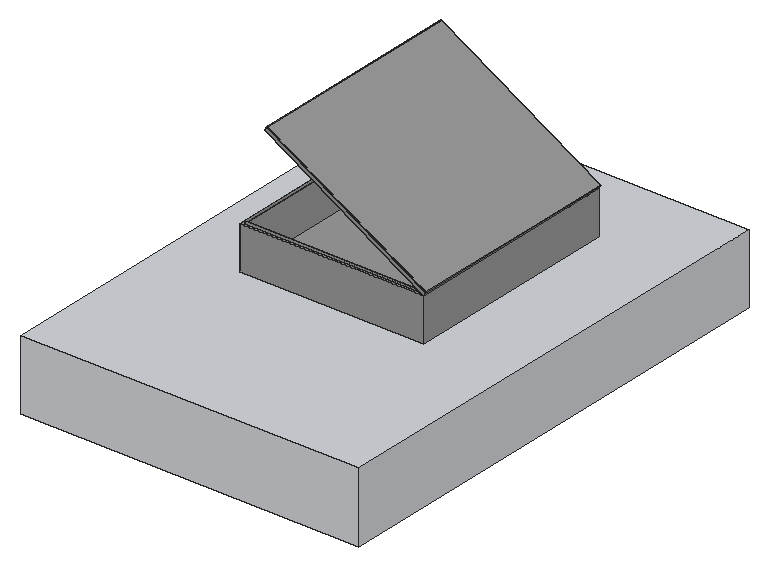
Revit family "Hager-Univers-IP44-D205-H950-Cl.II-Encl-CH-it", category Equipement électrique, Revit 2020
Family settings
  Hôte = Face
  Configuration du panneau = Deux colonnes, circuits au sein
  Cote de connecteur circulaire = Utiliser le diamètre
  Type d'élément = Tableau de raccordement
  Couper avec des vides une fois chargée = Non
  Partagée = Non
  Point de calcul de pièce = Non
Parameters (values of type "A parete IP44 L800 A950 P205  - FP63QS")
  Width Control [instance] = if([EF000008 - Larghezza] > Min Width, [EF000008 - Larghezza], Min Width)  # 800 mm
  Commentaires du type = [HG000003 - Gamma]  # "Univers"
  Thickness Door [instance] = if([EF009171 - spessore materiale porta/coperchio] > 3 mm, 3 mm, [EF009171 - spessore materiale porta/coperchio])  # 1 mm
  Seal Frame Offset [instance] = 17 mm  # constant formula
  Plinth Visibility [instance] = [HG000027 - Altezza dello zoccolo] > 0 mm  # no
  Model = ""
  Min Width [instance] = 100 mm  # constant formula
  Min Height [instance] = 100 mm  # constant formula
  Min Depth [instance] = (2 * [EF009170 - spessore materiale scatola]) + 1 mm  # 3 mm
  Internal Frame Depth [instance] = (Door System Depth * 0.5)  # 9 mm
  Height Control [instance] = if([EF000040 - Altezza] > Min Height, [EF000040 - Altezza], Min Height)  # 950 mm
  HG000027 - Altezza dello zoccolo = 0 mm
  HG000026 - A pavimento = no
  HG000024 - Altezza della sezione inferiore = 800 mm
  HG000023 - Custodia a doppia sezione = no
  HG000016 - Visibilità delle porte nella vista 3D [instance] = yes
  HG000015 - Visibilità attraverso la porta [instance] = no
  HG000014 - Porta destra [instance] = yes
  HG000013 - Porta sinistra [instance] = not([HG000014 - Porta destra])  # no
  HG000012 - Angolo di apertura della porta [instance] = 30.00°
  HG000010 - Porte asimmetriche = no
  HG000009 - Porta doppia a battente = no
  HG000006 - Ad incasso = no
  HG000004 - Codice produttore = "FP63QS"
  HG000003 - Gamma = "Univers"
  HG000002 - Con porta = yes
  Frame Offset Bottom [instance] = 10 mm  # constant formula
  Frame Offset [instance] = 15 mm  # constant formula
  EF015940 - Coprire con rilascio di sovrapressione = no
  EF011959 - tipo di protezione (NEMA) = ""
  EF009554 - numero delle aperture per la piastra della flangia = 6
  Fabricant = "Hager"  # constant formula
  EF009212 - esecuzione coperchio = "EV000116 - chiuso"
  EF009171 - spessore materiale porta/coperchio = 1 mm
  EF009170 - spessore materiale scatola = 1 mm
  EF008873 - corrente nominale (In) = 250 A
  EF007800 - adatto per parafulmine = no
  EF006306 - con serratura = no
  EF006244 - coperchio/porta trasparente = no
  EF005474 - grado di protezione (IP) = "EV006418 - IP44"
  EF004464 - tipo di porta = "EV002646 - singolo"
  EF004427 - numero di moduli = 216
  EF004293 - resistenza agli urti = "EV006815 - IK09"
  EF003532 - adatto per uso esterno = no
  EF002950 - Numero moduli DIN = 36
  EF001613 - Integrità del circuito = "EV000494 - senza"
  EF001596 - Attacco Lampada = "EV000179 - acciaio"
  EF001131 - profondità interna = 143 mm
  EF001088 - possibilità di applicazione = yes
  EF000437 - numero di ingressi per conduttori = 6
  EF000339 - tipo di copertura = "EV001012 - coperchio"
  EF000266 - numero di file = 6
  EF000218 - profondità di incasso = 0 mm
  EF000118 - con piastra di montaggio = no
  EF000116 - numero RAL = "9010"
  EF000049 - profondità = 205 mm
  EF000040 - Altezza = 950 mm
  EF000008 - Larghezza = 800 mm
  EF000007 - colore = "EV000202 - bianco"
  EF000003 - Tipo di montaggio = "EV000384 - A parete"
  Door System Leaf Tolerance [instance] = 1.5 mm  # constant formula
  Door System Depth [instance] = 18 mm  # constant formula
  Door Height [instance] = Height Control - [HG000027 - Altezza dello zoccolo]  # 950 mm
  Depth Control [instance] = if([EF000049 - profondità] > Min Depth, [EF000049 - profondità], Min Depth)  # 205 mm
  Default Elevation = 0 mm
  Connector Offset [instance] = Height Control / 2  # 475 mm
  Bottom Top Plate Trim [instance] = 1.5 mm  # constant formula
  Plinth height Ctrl [instance] = if([HG000027 - Altezza dello zoccolo] > 0 mm, [HG000027 - Altezza dello zoccolo], 12 mm)  # 12 mm
Types (5, lengths in mm): name | Width Control | HG000009 - Porta doppia a battente | HG000004 - Codice produttore | EF009554 - numero delle aperture per la piastra della flangia | EF004464 - tipo di porta | EF004427 - numero di moduli | EF002950 - Numero moduli DIN | EF001131 - profondità interna | EF000437 - numero di ingressi per conduttori | EF000008 - Larghezza
  A parete IP44 L1050 A950 P205  - FP64QS | 1050 | yes | "FP64QS" | 8 | "EV003602 - doppio" | 288 | 48 | 143 | 8 | 1050
  A parete IP44 L1300 A950 P205  - FP65QS | 1300 | yes | "FP65QS" | 10 | "EV003602 - doppio" | 360 | 60 | 143 | 10 | 1300
  A parete IP44 L300 A950 P205  - FP61QS | 300 | no | "FP61QS" | 2 | "EV002646 - singolo" | 72 | 12 | 143 | 2 | 300
  A parete IP44 L550 A950 P205  - FP62QS | 550 | no | "FP62QS" | 4 | "EV002646 - singolo" | 144 | 24 | 130 | 4 | 550
  A parete IP44 L800 A950 P205  - FP63QS | 800 | no | "FP63QS" | 6 | "EV002646 - singolo" | 216 | 36 | 143 | 6 | 800
Reference planes
  plane 1 "Center (Front/Back)": y = 0
  plane 2: z = 0
  plane 3 "Center (Left/Right)": x = 0
  plane 4: z = 205
  plane 5: y = 1
  plane 6: y = 475
  plane 7: y = 0
  plane 8: y = 950
  plane 9: z = 0
  plane 10: x = -385
  plane 11: x = 385
  plane 12: x = 384
  plane 13: x = -384
  plane 14: y = 949
  plane 15: x = -383
  plane 16: x = -400
  plane 17: x = 383
  plane 18: x = 400
  plane 19: x = 399
  plane 20: x = -399
  plane 21: y = 11
  plane 22: y = 950
  plane 23: y = 934
  plane 24: z = 187
  plane 25: z = 1
  plane 26: z = 186
  plane 27: z = 204
Forms (mm)
  Extrusion 1, solid
    sketch origin (0, 0, 0) x (1, 0, 0) y (0, 1, 0)
      loop
        line (-702.964, 1305) -> (-702.964, -811.445) -> (766.763, -811.445) -> (766.763, 1305) -> (-702.964, 1305)
    from 0 to -304.8
  Extrusion 2, solid, material "Hager_Steel_RAL7035_Light_Grey", visible <- "Plinth Visibility", detail levels medium+fine
    sketch origin (0, 0, 0) x (1, 0, 0) y (0, 1, 0)
      loop
        line (-400, 0) -> (400, 0) -> (400, 12) -> (-400, 12) -> (-400, 0)
    from 0 to 187
  Extrusion 3, solid, material "Hager_Steel_RAL7035_Light_Grey", detail levels medium+fine
    sketch origin (0, 0, 0) x (1, 0, 0) y (0, 1, 0)
      loop
        line (-400, 0) -> (400, 0) -> (400, 950) -> (-400, 950) -> (-400, 0)
    from 0 to 187
  Extrusion 4, void
    sketch origin (0, 0, 0) x (1, 0, 0) y (0, 1, 0)
      loop
        line (-399, 1) -> (399, 1) -> (399, 949) -> (-399, 949) -> (-399, 1)
    from 1 to 186
  Extrusion 5, void
    sketch origin (-381.607, -4572, 187) x (0, -1, 0) y (-1, 0, 0)
      loop
        line (-4583, 2.393) -> (-5506, 2.393) -> (-5506, -765.607) -> (-4583, -765.607) -> (-4583, 2.393)
    from 0 to 1 <- "EF009170 - spessore materiale scatola"
  Extrusion 6, solid, material "Hager_Steel_RAL7035_Light_Grey", detail levels fine
    sketch origin (0, 0, 187) x (1, 0, 0) y (0, 1, 0)
      loop
        line (-384, 934) -> (-384, 11) -> (384, 11) -> (384, 934) -> (-384, 934)
      loop
        line (-385, 10) -> (385, 10) -> (385, 935) -> (-385, 935) -> (-385, 10)
    from 0 to 9 <- "Internal Frame Depth"
  Extrusion 7, solid, material "Hager_Steel_RAL7035_Light_Grey", detail levels coarse
    sketch origin (0, 0, 0) x (1, 0, 0) y (0, 1, 0)
      loop
        line (-400, 0) -> (400, 0) -> (400, 950) -> (-400, 950) -> (-400, 0)
    from 0 to 205
  Sweep 8, void
    path in 3D
      loop
        line (-400, 12, 0) -> (400, 12, 0) -> (400, 12, 187) -> (-400, 12, 187) -> (-400, 12, 0)
    profile origin (-400, 12, 93.5) x (-1, 0, 0) y (0, -1, 0)
      loop
        line (0, 0) -> (0, 1.5) -> (-1.5, 1.5)
        arc (-1.5, 1.5) -> (-1.061, 0.439) -> (0, 0) r 1.5
Cuts and joins
  Extrusion 4, Extrusion 5 cuts Extrusion 3
  Sweep 8 cuts Extrusion 2
Lines and regions (mm)
  Masking region 1
    outline origin (0, 0, 0) x (1, 0, 0) y (0, 0, 1)
      loop
        line (-400, 205) -> (-400, 0) -> (400, 0) -> (400, 205) -> (-400, 205)
  Masking region 2, detail levels medium+fine
    outline origin (0, 140, 0) x (0, 1, 0) y (0, 0, 1)
      loop
        line (-140, 0) -> (810, 0) -> (810, 187) -> (-140, 187) -> (-140, 0)
  Masking region 3, not visible, detail levels medium+fine
    outline origin (0, 297.922, 0) x (0, 1, 0) y (0, 0, 1)
      loop
        line (188.578, 0) -> (228.578, 0) -> (228.578, 194)
        arc (228.578, 194) -> (225.649, 201.071) -> (218.578, 204) r 10
        line (218.578, 204) -> (188.578, 204) -> (188.578, 0)
  Masking region 4, detail levels coarse
    outline origin (0, 0, 180) x (0, 1, 0) y (0, 0, 1)
      loop
        line (0, -180) -> (950, -180) -> (950, 25) -> (0, 25) -> (0, -180)
  Masking region 5, visible <- "Plinth Visibility", detail levels medium+fine
    outline origin (0, 52.24, 12.345) x (0, 0, -1) y (0, 1, 0)
      loop
        line (10.845, -40.24) -> (-173.155, -40.24)
        arc (-173.155, -40.24) -> (-173.594, -41.301) -> (-174.655, -41.74) r 1.5
        line (-174.655, -41.74) -> (-174.655, -52.24) -> (12.345, -52.24) -> (12.345, -41.74)
        arc (12.345, -41.74) -> (11.285, -41.301) -> (10.845, -40.24) r 1.5
  Masking region 6, detail levels medium+fine
    outline origin (-381.607, -4572, 187) x (-1, 0, 0) y (0, -1, 0)
      loop
        line (18.393, -5522) -> (18.393, -4572) -> (-781.607, -4572) -> (-781.607, -5522) -> (18.393, -5522)
  Masking region 7, visible <- "Plinth Visibility", detail levels medium+fine
    outline origin (-381.607, -4727, 187) x (-1, 0, 0) y (0, -1, 0)
      loop
        arc (16.893, -4739) -> (17.332, -4737.939) -> (18.393, -4737.5) r 1.5
        line (18.393, -4737.5) -> (18.393, -4727) -> (-781.607, -4727) -> (-781.607, -4737.5)
        arc (-781.607, -4737.5) -> (-780.546, -4737.939) -> (-780.107, -4739) r 1.5
        line (-780.107, -4739) -> (16.893, -4739)
  Masking region 8, detail levels coarse
    outline origin (-442.548, -4669.526, 187) x (-1, 0, 0) y (0, -1, 0)
      loop
        line (-42.548, -5619.526) -> (-42.548, -4669.526) -> (-842.548, -4669.526) -> (-842.548, -5619.526) -> (-42.548, -5619.526)
  sketch lines
    curve 1: line (-400, 12, 187) -> (-400, 12, 0)
    curve 2: line (400, 12, 187) -> (-400, 12, 187)
    curve 3: line (400, 12, 187) -> (400, 12, 0)
    curve 4: line (-400, 12, 0) -> (400, 12, 0)
Dimensions and locks
  "Depth Control": plane 4 to Extrusion 1
  "HG000027 - Altezza dello zoccolo": plane 1 "Center (Front/Back)" to plane 7
  "EF009170 - spessore materiale scatola": plane 5 to plane 7
  locked: connector elem to plane 3 "Center (Left/Right)"
  equal spacing: plane 8, plane 6, plane 7
  locked: connector elem to plane 6
  "EF009170 - spessore materiale scatola": plane 8 to plane 14
  "EF009170 - spessore materiale scatola": plane 10 to plane 13
  "EF009170 - spessore materiale scatola": plane 12 to plane 11
  "Frame Offset": plane 20 to plane 13
  "Frame Offset": plane 12 to plane 19
  "EF009170 - spessore materiale scatola": plane 16 to plane 20
  "EF009170 - spessore materiale scatola": plane 19 to plane 18
  "Seal Frame Offset": plane 16 to plane 15
  "Seal Frame Offset": plane 17 to plane 18
  "Frame Offset Bottom": plane 21 to plane 5
  "Frame Offset": plane 14 to plane 23
  equal spacing: plane 16, plane 3 "Center (Left/Right)", plane 18
  "Width Control": plane 16 to plane 18
  "EF009170 - spessore materiale scatola": plane 4 to plane 27
  "EF009170 - spessore materiale scatola": plane 24 to plane 26
  "EF009170 - spessore materiale scatola": plane 25 to level
  "Door System Depth": plane 4 to plane 24
  "Height Control": plane 1 "Center (Front/Back)" to Extrusion 7 sketch curve
  "Height Control": Masking region 4 sketch curve to plane 1 "Center (Front/Back)"
  "Height Control": plane 1 "Center (Front/Back)" to plane 22
  "Bottom Top Plate Trim": profile plane to Sweep 8 sketch curve
  "Bottom Top Plate Trim": Sweep 8 sketch curve to profile plane
  "Plinth height Ctrl": plane 1 "Center (Front/Back)" to Extrusion 2 sketch curve
  "Plinth height Ctrl": Masking region 5 sketch curve to plane 1 "Center (Front/Back)"
  "Plinth height Ctrl": plane 1 "Center (Front/Back)" to Masking region 7 sketch curve
  "Thickness Door": Extrusion 6 sketch curve to Extrusion 6 sketch curve  (x3)
  "Thickness Door": cut or joined group of Extrusion 3, Extrusion 4, Extrusion 5 to Extrusion 6 sketch curve
  radius of Masking region 3 sketch curve = 10 mm
  "Bottom Top Plate Trim": radius of Masking region 5 sketch curve  (x2)
  "Bottom Top Plate Trim": radius of Sweep 8 sketch curve
  "Bottom Top Plate Trim": radius of Masking region 7 sketch curve  (x2)
  aligned and locked: plane 2 to Extrusion 1
  aligned and locked: level to Extrusion 1
  aligned and locked: level to Masking region 1 sketch curve
  aligned and locked: Masking region 1 sketch curve to plane 18
  aligned and locked: Masking region 1 sketch curve to plane 16
  aligned and locked: plane 7 to Masking region 2 sketch curve
  aligned and locked: level to Masking region 3 sketch curve
  aligned and locked: Masking region 3 sketch curve to plane 27
  aligned and locked: level to Masking region 2 sketch curve
  aligned and locked: plane 1 "Center (Front/Back)" to Extrusion 2 sketch curve
  aligned and locked: Extrusion 3 sketch curve to plane 7
  aligned and locked: plane 16 to Extrusion 3 sketch curve
  aligned and locked: plane 18 to Extrusion 3 sketch curve
  aligned and locked: plane 20 to Extrusion 4 sketch curve
  aligned and locked: plane 19 to Extrusion 4 sketch curve
  aligned and locked: Extrusion 4 sketch curve to plane 5
  aligned and locked: Extrusion 4 to plane 25
  aligned and locked: plane 26 to Extrusion 4
  aligned and locked: plane 24 to Extrusion 3
  aligned and locked: Extrusion 5 sketch curve to plane 21
  aligned and locked: Extrusion 5 sketch curve to plane 13
  aligned and locked: Extrusion 5 sketch curve to plane 12
  aligned and locked: plane 18 to Extrusion 7 sketch curve
  aligned and locked: plane 1 "Center (Front/Back)" to Extrusion 7 sketch curve
  aligned and locked: plane 16 to Extrusion 7 sketch curve
  aligned and locked: plane 4 to Extrusion 7
  aligned and locked: Extrusion 7 to level
  aligned and locked: level to Masking region 4 sketch curve
  aligned and locked: Masking region 4 sketch curve to plane 1 "Center (Front/Back)"
  aligned and locked: Masking region 4 sketch curve to plane 4
  aligned and locked: nested 1 to level
  aligned and locked: nested 1 to plane 16
  aligned and locked: plane 8 to Extrusion 3 sketch curve
  aligned and locked: plane 23 to Extrusion 5 sketch curve
  aligned and locked: plane 14 to Extrusion 4 sketch curve
  aligned and locked: Masking region 2 sketch curve to plane 8
  aligned and locked: level to Masking region 5 sketch curve
  aligned and locked: plane 16 to Extrusion 2 sketch curve
  aligned and locked: plane 18 to Extrusion 2 sketch curve
  aligned and locked: Masking region 5 sketch curve to plane 24
  aligned and locked: Masking region 2 sketch curve to plane 24
  aligned and locked: plane 24 to Extrusion 2
  aligned and locked: profile plane to Sweep 8 sketch curve  (x2)
  aligned and locked: Masking region 6 sketch curve to plane 18
  aligned and locked: Masking region 6 sketch curve to plane 22
  aligned and locked: Masking region 6 sketch curve to plane 16
  aligned and locked: plane 8 to plane 22
  aligned and locked: Masking region 6 sketch curve to plane 7
  aligned and locked: Masking region 7 sketch curve to plane 16
  aligned and locked: Masking region 7 sketch curve to plane 1 "Center (Front/Back)"
  aligned and locked: Masking region 7 sketch curve to plane 18
  aligned and locked: Masking region 8 sketch curve to plane 1 "Center (Front/Back)"
  aligned and locked: Masking region 8 sketch curve to plane 18
  aligned and locked: Masking region 8 sketch curve to plane 22
  aligned and locked: Masking region 8 sketch curve to plane 16
  aligned and locked: nested 2 to plane 7
  aligned and locked: plane 3 "Center (Left/Right)" to nested 2
  aligned and locked: nested 2 to plane 24
  aligned and locked: Extrusion 6 sketch curve to cut or joined group of Extrusion 3, Extrusion 4, Extrusion 5  (x4)
Automatic sketch dimensions
  Extrusion 1 sketch curve to Extrusion 1 sketch curve = 1469.727 mm
  Extrusion 1 sketch curve to Extrusion 1 sketch curve = 2116.445 mm
  Masking region 1 sketch curve to plane 4 = 0 mm
  plane 6 to Masking region 3 sketch curve = 11.5 mm
  Masking region 3 sketch curve to Masking region 3 sketch curve = 30 mm
  Masking region 5 sketch curve to plane 1 "Center (Front/Back)" = 0 mm
Nested families
  nested 1: "Hager_Enclosure_Symbol" at (-400, 0, 0) x (1, 0, 0) z (0, -1, 0), Height <- "Depth Control", Width <- "Width Control", type "Hager_Enclosure_Symbol"
    with Width_Ctrl 800 mm, Width 800 mm, Height_Ctrl 205 mm, Height 205 mm, A_Width_Int 13.453 mm, A_Width 161.438 mm, A_Height_Ctrl 179.375 mm, A_Height 179.375 mm
  nested 2: "EC000058_Univers_Door" at (0, 0, 187) x (1, 0, 0) z (0, 1, 0), Leaf_Tolerance <- "Door System Leaf Tolerance", Angle <- "HG000012 - Angolo di apertura della porta", Door_Depth <- "Door System Depth", Door_Left <- "HG000013 - Porta sinistra", Transparent <- "EF006244 - coperchio/porta trasparente", Assymetrical <- "HG000010 - Porte asimmetriche", Width <- "Width Control", Clearance <- "HG000015 - Visibilità attraverso la porta", Double <- "HG000009 - Porta doppia a battente", 3d_Door <- "HG000016 - Visibilità delle porte nella vista 3D", Lock_Visibility <- "EF006306 - con serratura", Width_Ctrl <- "Width Control", Door_Right <- "HG000014 - Porta destra", Door <- "HG000002 - Con porta", Height <- "Door Height", Thickness <- "Thickness Door", type "EC000058_Univers_Door", detail levels medium+fine
    with min_wh 3 mm, Width_Ctrl 800 mm, Width 800 mm, Transparent no, Thickness 1 mm, Seal_Material Hager_Rubber, Lock_Visibility no, Lock_Material Hager_Plastic_RAL9005_Jet_Black, Leaf_Width 800 mm, Leaf_Tolerance_External_Sides 0 mm, Leaf_Tolerance 1.5 mm, Leaf_Offset 0 mm, Leaf_Height 947 mm, Leaf_2_Width 800 mm, Leaf_2_Offset 400 mm, Leaf_1_Width 800 mm, Leaf_1_Offset 400 mm, Height_Ctrl 950 mm, Height 950 mm, Glass_Material Hager_Glass, Double_Clearance_Ctrl no, Double no, Door_Right_Ctrl yes, Door_Right yes, Door_Material Hager_Steel_RAL7035_Light_Grey, Door_Left_Ctrl no, Door_Left no, Door_Depth 18 mm, Door yes, Clearance_Material Hager_Clearance, Clearance_Depth 800 mm, Clearance_Ctrl no, Clearance no, Assymetrical no, Angle 30.00°, 3d_Door yes
Connectors
  electrical at (0, 475, 0)
    settings: on plane 9, index 1, voltage 0 V, apparent load 0 VA, apparent load phase1 0 VA, apparent load phase2 0 VA, apparent load phase3 0 VA, power factor 1, load classification "Other", number of poles 1, system type 30, power factor state 1, is connector primary yes, connector utility no, sub classification motor no, connector description ""
Definition of nested family "EC000058_Univers_Door"
  Parameters (values of type "EC000058_Univers_Door")
    min_wh [instance] = (2 * Thickness) + 1 mm  # 11 mm
    Width_Ctrl [instance] = 400 mm
    Width [instance] = 500 mm
    Transparent [instance] = yes
    Thickness [instance] = 5 mm
    Seal_Material [instance] = none
    Lock_Visibility [instance] = yes
    Lock_Material [instance] = none
    Leaf_Width [instance] = if((Width_Ctrl - 2 * Leaf_Tolerance_External_Sides) > 0 mm, (Width_Ctrl - 2 * Leaf_Tolerance_External_Sides), min_wh)  # 400 mm
    Leaf_Tolerance_External_Sides [instance] = 0 mm  # constant formula
    Leaf_Tolerance [instance] = 1.5 mm
    Leaf_Offset [instance] = 0 mm  # constant formula
    Leaf_Height [instance] = if((Height_Ctrl - 2 * Leaf_Tolerance) > 0 mm, (Height_Ctrl - 2 * Leaf_Tolerance), min_wh)  # 497 mm
    Leaf_2_Width [instance] = if(and(and(Double, Assymetrical), Door_Left), (Leaf_Width / 3) - (Leaf_Tolerance / 2), if(and(and(Double, Assymetrical), Door_Right), (Leaf_Width / 3) * 2 - (Leaf_Tolerance / 2), if(and(Double, not(Assymetrical)), (Leaf_Width / 2) - Leaf_Tolerance, Leaf_Width)))  # 400 mm
    Leaf_2_Offset [instance] = if(and(Double, Assymetrical), Leaf_2_Width / 2, if(and(Double, not(Assymetrical)), Leaf_Width / 4, Leaf_Width / 2))  # 200 mm
    Leaf_1_Width [instance] = if(and(and(Double, Assymetrical), Door_Right), (Leaf_Width / 3) - (Leaf_Tolerance / 2), if(and(and(Double, Assymetrical), Door_Left), (Width / 3) * 2 - (Leaf_Tolerance / 2), if(and(Double, not(Assymetrical)), (Leaf_Width / 2) - Leaf_Tolerance, Leaf_Width)))  # 400 mm
    Leaf_1_Offset [instance] = if(and(Double, Assymetrical), Leaf_1_Width / 2, if(and(Double, not(Assymetrical)), Leaf_Width / 4, Leaf_Width / 2))  # 200 mm
    Height_Ctrl [instance] = if(Height > min_wh, Height, min_wh)  # 500 mm
    Height [instance] = 500 mm
    Glass_Material [instance] = none
    Double_Clearance_Ctrl [instance] = and(Double, Clearance)  # no
    Double [instance] = no
    Door_Right_Ctrl [instance] = and(or(Door_Right, Double), Door)  # yes
    Door_Right [instance] = yes
    Door_Material [instance] = none
    Door_Left_Ctrl [instance] = and(or(Door_Left, Double), Door)  # no
    Door_Left [instance] = no
    Door_Depth [instance] = 30 mm
    Door [instance] = yes
    Default Elevation = 1219.2 mm
    Clearance_Material [instance] = none
    Clearance_Depth [instance] = if(Leaf_1_Width > Leaf_2_Width, Leaf_1_Width, Leaf_2_Width)  # 400 mm
    Clearance_Ctrl [instance] = and(not(Double), Clearance)  # yes
    Clearance [instance] = yes
    Assymetrical [instance] = yes
    Angle [instance] = 30.00°
    3d_Door [instance] = yes
  Reference planes
    plane 1 "Center (Front/Back)": y = 0
    plane 2 "Bottom": z = 0
    plane 3 "Center (Left/Right)": x = 0
    plane 4: z = 500
    plane 5: x = -200
    plane 6: x = 200
    plane 7: z = 500
    plane 8: x = -200
    plane 9: z = 0
    plane 10: x = 200
    plane 11: y = 0
    plane 12: z = 1.5
    plane 13: x = -600
    plane 14: y = -400
    plane 15: x = 600
    plane 16: x = 0
    plane 17: x = 0
    plane 18: x = -200
    plane 19: x = 200
    plane 20: z = 498.5
  Forms (mm)
    Extrusion 1, solid, material <- "Clearance_Material", visible <- "Double_Clearance_Ctrl"
      sketch origin (1200, 0, 0) x (1, 0, 0) y (0, 0, -1)
        loop
          line (-1800, -498.5) -> (-600, -498.5) -> (-600, 0) -> (-1800, 0) -> (-1800, -498.5)
      from 0 to -400
  Dimensions and locks
    equal spacing: plane 5, plane 3 "Center (Left/Right)", plane 6
    "Width_Ctrl": plane 5 to plane 6
    "Leaf_Offset": plane 5 to plane 8
    "Leaf_Offset": plane 6 to plane 10
    "Leaf_Offset": plane 9 to level
    "Leaf_Offset": plane 4 to plane 7
    "Height_Ctrl": plane 4 to level
    "Leaf_Tolerance": plane 12 to plane 9
    locked: plane 11 to plane 1 "Center (Front/Back)"
    "Leaf_1_Offset": plane 18 to plane 16
    "Leaf_2_Offset": plane 17 to plane 19
    "Leaf_1_Width": plane 13 to plane 8
    "Leaf_2_Width": plane 10 to plane 15
    "Clearance_Depth": plane 14 to plane 1 "Center (Front/Back)"
    "Leaf_Tolerance_External_Sides": plane 8 to plane 18
    "Leaf_Tolerance_External_Sides": plane 19 to plane 10
    "Leaf_Tolerance": plane 7 to plane 20
    aligned and locked: level to plane 2 "Bottom"
    aligned and locked: nested 1 to plane 16
    aligned and locked: nested 2 to plane 17
    aligned and locked: Extrusion 1 to plane 13
    aligned and locked: plane 15 to Extrusion 1
    aligned and locked: Extrusion 1 to plane 14
    aligned and locked: plane 12 to nested 1
    aligned and locked: nested 2 to plane 12
    aligned and locked: Extrusion 1 to plane 11
    aligned and locked: plane 20 to Extrusion 1
    aligned and locked: nested 2 to plane 11
    aligned and locked: nested 1 to plane 11
  Automatic sketch dimensions
    Extrusion 1 sketch curve to level = 0 mm
    plane 5 to Extrusion 1 sketch curve = 400 mm
    plane 6 to Extrusion 1 sketch curve = 400 mm
    Extrusion 1 sketch curve to plane 4 = 1.5 mm
  Nested families
    nested 1: "EC000058_Univers_Door_Leaf" at (0, 0, 1.5), Width <- "Leaf_1_Width", visible <- "Door_Left_Ctrl", Leaf_Height <- "Leaf_Height", Angle <- "Angle", 3d_Door <- "3d_Door", Transparent <- "Transparent", Clearance Material <- "Clearance_Material", Clearance <- "Clearance_Ctrl", Door_Material <- "Door_Material", Glass_Material <- "Glass_Material", Door_Depth <- "Door_Depth", Lock_Material <- "Lock_Material", Seal_Material <- "Seal_Material", Lock_Visibility <- "Lock_Visibility", Thickness <- "Thickness", type "EC000058_Univers_Door_Leaf"
      with Width 400 mm, Transparent_Glass_Offset 30 mm, Transparent_Ctrl yes, Transparent yes, Thickness 5 mm, Standard no, Seal_Material none, Seal_D2 8 mm, Seal_D1 1 mm, Offset_Internal_Frame 10 mm, Lock_Width 20 mm, Lock_Visibility_3d yes, Lock_Visibility yes, Lock_Thickness_3 3 mm, Lock_Thickness_2 1 mm, Lock_Thickness_1 3 mm, Lock_Radius_Offset_2 16 mm, Lock_Radius_Offset_1 15 mm, Lock_Radius_2 5 mm, Lock_Radius 6 mm, Lock_Offset 5 mm, Lock_Material none, Lock_Height 80 mm, Lock_Cover_Top_Offset_2d 17 mm, Lock_Cover_Height -65 mm, Leaf_Height 497 mm, Internal_Seal_Thickness 8 mm, Internal_Seal_Depth_2 4.5 mm, Internal_Frame_Depth 25 mm, Glass_Thickness -1 mm, Glass_Offset -2 mm, Glass_Material none, Door_Material none, Door_Depth 30 mm, Clearance Material none, Clearance yes, Angle_Ctrl 30.00°, Angle 30.00°, 3d_Door yes
    nested 2: "EC000058_Univers_Door_Leaf" at (0, 0, 1.5) x (-1, 0, 0) z (0, 0, 1), Width <- "Leaf_2_Width", visible <- "Door_Right_Ctrl", Leaf_Height <- "Leaf_Height", Angle <- "Angle", 3d_Door <- "3d_Door", Transparent <- "Transparent", Clearance Material <- "Clearance_Material", Clearance <- "Clearance_Ctrl", Door_Material <- "Door_Material", Glass_Material <- "Glass_Material", Door_Depth <- "Door_Depth", Lock_Material <- "Lock_Material", Seal_Material <- "Seal_Material", Lock_Visibility <- "Lock_Visibility", Thickness <- "Thickness", type "EC000058_Univers_Door_Leaf"
      with Width 400 mm, Transparent_Glass_Offset 30 mm, Transparent_Ctrl yes, Transparent yes, Thickness 5 mm, Standard no, Seal_Material none, Seal_D2 8 mm, Seal_D1 1 mm, Offset_Internal_Frame 10 mm, Lock_Width 20 mm, Lock_Visibility_3d yes, Lock_Visibility yes, Lock_Thickness_3 3 mm, Lock_Thickness_2 1 mm, Lock_Thickness_1 3 mm, Lock_Radius_Offset_2 16 mm, Lock_Radius_Offset_1 15 mm, Lock_Radius_2 5 mm, Lock_Radius 6 mm, Lock_Offset 5 mm, Lock_Material none, Lock_Height 80 mm, Lock_Cover_Top_Offset_2d 17 mm, Lock_Cover_Height -65 mm, Leaf_Height 497 mm, Internal_Seal_Thickness 8 mm, Internal_Seal_Depth_2 4.5 mm, Internal_Frame_Depth 25 mm, Glass_Thickness -1 mm, Glass_Offset -2 mm, Glass_Material none, Door_Material none, Door_Depth 30 mm, Clearance Material none, Clearance yes, Angle_Ctrl 30.00°, Angle 30.00°, 3d_Door yes
  Definition of nested family "EC000058_Univers_Door_Leaf"
    Parameters (values of type "EC000058_Univers_Door_Leaf")
      Width [instance] = 2000 mm
      Transparent_Glass_Offset [instance] = 30 mm
      Transparent_Ctrl [instance] = and(Transparent, [3d_Door])  # yes
      Transparent [instance] = yes
      Thickness [instance] = 5 mm
      Standard [instance] = and(not(Transparent), [3d_Door])  # no
      Seal_Material [instance] = none
      Seal_D2 [instance] = 8 mm  # constant formula
      Seal_D1 [instance] = 1 mm  # constant formula
      Offset_Internal_Frame [instance] = 10 mm  # constant formula
      Lock_Width [instance] = 20 mm  # constant formula
      Lock_Visibility_3d [instance] = and(Lock_Visibility, [3d_Door])  # yes
      Lock_Visibility [instance] = yes
      Lock_Thickness_3 [instance] = 3 mm  # constant formula
      Lock_Thickness_2 [instance] = 1 mm  # constant formula
      Lock_Thickness_1 [instance] = 3 mm  # constant formula
      Lock_Radius_Offset_2 [instance] = Lock_Radius_Offset_1 + 1 mm  # 16 mm
      Lock_Radius_Offset_1 [instance] = 15 mm  # constant formula
      Lock_Radius_2 [instance] = Lock_Radius - 1 mm  # 5 mm
      Lock_Radius [instance] = 6 mm  # constant formula
      Lock_Offset [instance] = 5 mm  # constant formula
      Lock_Material [instance] = none
      Lock_Height [instance] = 80 mm  # constant formula
      Lock_Cover_Top_Offset_2d [instance] = Lock_Radius_Offset_2 + 1 mm  # 17 mm
      Lock_Cover_Height [instance] = -(Lock_Height - Lock_Radius_Offset_1)  # -65 mm
      Leaf_Height [instance] = 2720.336 mm
      Internal_Seal_Thickness [instance] = 8 mm  # constant formula
      Internal_Seal_Depth_2 [instance] = 4.5 mm  # constant formula
      Internal_Frame_Depth [instance] = if(Door_Depth - Thickness > 5 mm, Door_Depth - Thickness, 5 mm)  # 25 mm
      Glass_Thickness [instance] = if(Thickness > 15 mm, Glass_Offset + 10 mm, -1 mm)  # -1 mm
      Glass_Offset [instance] = if(Thickness > 15 mm, -(Thickness + 10 mm) / 2, -2 mm)  # -2 mm
      Glass_Material [instance] = none
      Door_Material [instance] = none
      Door_Depth [instance] = 30 mm
      Default Elevation = 0 mm
      Clearance Material [instance] = none
      Clearance [instance] = yes
      Angle_Ctrl [instance] = if(Angle > 180.00°, 180.00°, Angle)  # 90.00°
      Angle [instance] = 90.00°
      3d_Door [instance] = yes
    Reference planes
      plane 1 "Center (Front/Back)": y = 0
      plane 2: z = 0
      plane 3 "Center (Left/Right)": x = 0
      plane 4: y = 2000
      plane 5: x = -1000
      plane 6: x = 1000
      plane 7: x = -3000
      plane 8: z = 2720.336
      plane 9: z = 30
      plane 10: z = 2690.336
      plane 11: x = 970
      plane 12: x = -970
      plane 13: y = -3
      plane 14: z = 107.833
      plane 15: y = -5
      plane 16: y = -223.314
      plane 17: x = -1000
      plane 18: z = 1360.168
      plane 19: y = 30
    Forms (mm)
      Extrusion 1, solid, material <- "Clearance Material", visible <- "Clearance"
        sketch origin (0, 0, 0) x (1, 0, 0) y (0, 0, 1)
          loop
            line (-3000, 2720.336) -> (-3000, 0) -> (1000, 0) -> (1000, 2720.336) -> (-3000, 2720.336)
        from 0 to -2000
      Extrusion 2, solid, material <- "Door_Material", visible <- "Standard", detail levels medium+fine
        sketch origin (-1000, 0, 0) x (0, 1, 0) y (-1, 0, 0)
          loop
            line (0, 30) -> (0, 25) -> (2000, 25) -> (2000, 30) -> (0, 30)
        from 0 to 2720.336 <- "Leaf_Height"
      Extrusion 3, solid, material <- "Door_Material", visible <- "Transparent_Ctrl", detail levels medium+fine
        sketch origin (-1000, 0, 0) x (0, 1, 0) y (-1, 0, 0)
          loop
            line (0, 25) -> (2000, 25) -> (2000, 30) -> (0, 30) -> (0, 25)
        from 0 to 2720.336 <- "Leaf_Height"
      Extrusion 4, void
        sketch origin (-1025, 2000, 0) x (0, 1, 0) y (0, 0, -1)
          loop
            line (-30, -2690.336) -> (-30, -30) -> (-1970, -30) -> (-1970, -2690.336) -> (-30, -2690.336)
        from 0 to 5 <- "Thickness"
      Sweep 5, solid, material <- "Seal_Material", visible <- "Transparent_Ctrl", detail levels fine
        path in 3D
          loop
            line (-1025, 30, 30) -> (-1025, 30, 2690.336) -> (-1025, 1970, 2690.336) -> (-1025, 1970, 30) -> (-1025, 30, 30)
        profile origin (-1025, 1000, 30) x (1, 0, 0) y (0, 0, 1)
          loop
            line (0, 0) -> (0, -8) -> (1, -8) -> (1, 0) -> (0, 0)
      Extrusion 6, solid, material <- "Glass_Material", visible <- "Transparent_Ctrl", detail levels medium+fine
        sketch origin (-1030, 0, 0) x (0, 1, 0) y (0, 0, -1)
          loop
            line (1970, -2690.336) -> (1970, -30) -> (30, -30) -> (30, -2690.336) -> (1970, -2690.336)
        from -2 <- "Glass_Offset" to -1 <- "Glass_Thickness"
      Extrusion 7, solid, material <- "Door_Material", visible <- "3d_Door", detail levels medium+fine
        sketch origin (-1025, 2000, 0) x (0, -1, 0) y (0, 0, -1)
          loop
            line (0, -2720.336) -> (2000, -2720.336) -> (2000, 0) -> (0, 0) -> (0, -2720.336)
          loop
            line (1995, -5) -> (5, -5) -> (5, -2715.336) -> (1995, -2715.336) -> (1995, -5)
        from 0 to 25 <- "Internal_Frame_Depth"
      Sweep 8, solid, material <- "Seal_Material", visible <- "Transparent_Ctrl", detail levels fine
        path in 3D
          loop
            line (-1025, 0, 0) -> (-1025, 2000, 0) -> (-1025, 2000, 2720.336) -> (-1025, 0, 2720.336) -> (-1025, 0, 0)
        profile origin (-1025, 0, 1360.168) x (1, 0, 0) y (0, 1, 0)
          loop
            line (0, 10) -> (2.975, 10)
            arc (2.975, 10) -> (4.053, 10.447) -> (4.5, 11.525) r 1.525
            line (4.5, 11.525) -> (4.5, 16.527)
            arc (4.5, 16.527) -> (4.069, 17.569) -> (3.027, 18) r 1.473
            line (3.027, 18) -> (0, 18) -> (0, 10)
      Extrusion 9, solid, material <- "Lock_Material", visible <- "Lock_Visibility_3d", detail levels fine
        sketch origin (-1030, 0, 0) x (0, 1, 0) y (0, 0, -1)
          loop
            arc (1993.5, -1400.168) -> (1994.561, -1399.729) -> (1995, -1398.668) r 1.5
            line (1995, -1398.668) -> (1995, -1320.168) -> (1975, -1320.168) -> (1975, -1398.668)
            arc (1975, -1398.668) -> (1975.439, -1399.729) -> (1976.5, -1400.168) r 1.5
            line (1976.5, -1400.168) -> (1993.5, -1400.168)
        from 3 <- "Lock_Thickness_1" to 0
      Blend 10, solid, material <- "Lock_Material", visible <- "Lock_Visibility_3d", detail levels fine
        base sketch origin (-1033, 0, 0) x (0, 1, 0) y (0, 0, -1)
          loop
            line (1975, -1320.168) -> (1975, -1398.668)
            arc (1975, -1398.668) -> (1975.439, -1399.729) -> (1976.5, -1400.168) r 1.5
            line (1976.5, -1400.168) -> (1993.5, -1400.168)
            arc (1993.5, -1400.168) -> (1994.561, -1399.729) -> (1995, -1398.668) r 1.5
            line (1995, -1398.668) -> (1995, -1320.168) -> (1975, -1320.168)
        top sketch origin (-1033, 0, 0) x (0, 1, 0) y (0, 0, -1)
          loop
            line (1976, -1320.168) -> (1976, -1398.668)
            arc (1976, -1398.668) -> (1976.146, -1399.022) -> (1976.5, -1399.168) r 0.5
            line (1976.5, -1399.168) -> (1993.5, -1399.168)
            arc (1993.5, -1399.168) -> (1993.854, -1399.022) -> (1994, -1398.668) r 0.5
            line (1994, -1398.668) -> (1994, -1320.168) -> (1976, -1320.168)
        from 0 to 1 <- "Lock_Thickness_2"
      Blend 11, solid, material <- "Lock_Material", visible <- "Lock_Visibility_3d", detail levels fine
        base sketch origin (-1034, 0, 0) x (0, 1, 0) y (0, 0, -1)
          loop
            line (1978, -1320.168) -> (1978, -1384.168)
            arc (1978, -1384.168) -> (1985, -1391.168) -> (1992, -1384.168) r 7
            line (1992, -1384.168) -> (1992, -1320.168) -> (1978, -1320.168)
        top sketch origin (-1034, 0, 0) x (0, 1, 0) y (0, 0, -1)
          loop
            line (1991, -1320.168) -> (1979, -1320.168) -> (1979, -1383.168)
            arc (1979, -1383.168) -> (1985, -1389.168) -> (1991, -1383.168) r 6
            line (1991, -1383.168) -> (1991, -1320.168)
        from 0 to 3 <- "Lock_Thickness_3"
      Extrusion 12, solid, material <- "Lock_Material", visible <- "Lock_Visibility_3d", detail levels fine
        sketch origin (-1030, 1975, 1320.168) x (1, 0, 0) y (0, -1, 0)
          loop
            line (-7, -19) -> (-7, -1) -> (0, -1) -> (0, 0) -> (-8, 0) -> (-8, -20) -> (0, -20) -> (0, -19) -> (-7, -19)
        from 0 to -65 <- "Lock_Cover_Height"
      Extrusion 13, void
        sketch origin (-1038, 1995, 1320.168) x (-1, 0, 0) y (0, 0, -1)
          loop
            line (-5, -65) -> (0, -65) -> (-5, -60) -> (-5, -65)
        from 0 to 20 <- "Lock_Width"
      Extrusion 14, void
        sketch origin (-1038, 1975, 1320.168) x (0, -1, 0) y (0, 0, -1)
          loop
            circle (-10, -15.995) r 6
          loop
            circle (-10, -15.995) r 5
        from 0 to 2
      Extrusion 15, solid, material <- "Lock_Material", visible <- "Lock_Visibility_3d", detail levels medium
        sketch origin (-1030, 0, 0) x (0, 1, 0) y (0, 0, -1)
          loop
            arc (1993.5, -1400.168) -> (1994.561, -1399.729) -> (1995, -1398.668) r 1.5
            line (1995, -1398.668) -> (1995, -1320.168) -> (1975, -1320.168) -> (1975, -1398.668)
            arc (1975, -1398.668) -> (1975.439, -1399.729) -> (1976.5, -1400.168) r 1.5
            line (1976.5, -1400.168) -> (1993.5, -1400.168)
        from 8 to 0
    Cuts and joins
      Extrusion 4 cuts Extrusion 3
      Extrusion 13, Extrusion 14 cuts Extrusion 9
      Extrusion 14 cuts Blend 11
      Extrusion 13, Extrusion 14 cuts Extrusion 12
      joined: Extrusion 9, Blend 10, Blend 11, Extrusion 12
      Extrusion 14 cuts Extrusion 15
    Lines and regions (mm)
      Masking region 1, visible <- "Lock_Visibility", detail levels fine
        outline origin (0, 0, 0) x (0, 1, 0) y (0, 0, 1)
          loop
            line (30, 1320.168) -> (33, 1320.168) -> (33, 1400.168) -> (30, 1400.168) -> (30, 1320.168)
      Masking region 2, visible <- "Lock_Visibility", detail levels fine
        outline origin (0, 3.143, 0) x (0, 1, 0) y (0, 0, 1)
          loop
            line (29.857, 1354.168) -> (30.857, 1354.168) -> (30.857, 1366.168) -> (29.857, 1366.168) -> (29.857, 1354.168)
      Masking region 3, detail levels medium+fine
        outline origin (0, 0, 0) x (0, 1, 0) y (0, 0, 1)
          loop
            line (0, 0) -> (30, 0) -> (30, 2720.336) -> (0, 2720.336) -> (0, 0)
      Masking region 4, detail levels medium+fine
        outline origin (0, 0, 0) x (1, 0, 0) y (0, 0, 1)
          loop
            line (-1000, 2720.336) -> (-1000, 0) -> (1000, 0) -> (1000, 2720.336) -> (-1000, 2720.336)
      Masking region 5, visible <- "Lock_Visibility", detail levels fine
        outline origin (-47.116, 0, 0) x (1, 0, 0) y (0, 0, 1)
          loop
            arc (1024.616, 1399.168) -> (1023.556, 1398.729) -> (1023.116, 1397.668) r 1.5
            line (1023.116, 1397.668) -> (1023.116, 1320.168) -> (1041.116, 1320.168) -> (1041.116, 1397.668)
            arc (1041.116, 1397.668) -> (1040.677, 1398.729) -> (1039.616, 1399.168) r 1.5
            line (1039.616, 1399.168) -> (1024.616, 1399.168)
      Masking region 6, visible <- "Lock_Visibility", detail levels medium+fine
        outline origin (-25, 0, 0) x (1, 0, 0) y (0, 0, 1)
          loop
            arc (1001.5, 1400.168) -> (1000.439, 1399.729) -> (1000, 1398.668) r 1.5
            line (1000, 1398.668) -> (1000, 1320.168) -> (1020, 1320.168) -> (1020, 1398.668)
            arc (1020, 1398.668) -> (1019.561, 1399.729) -> (1018.5, 1400.168) r 1.5
            line (1018.5, 1400.168) -> (1001.5, 1400.168)
      Masking region 7, visible <- "Lock_Visibility", detail levels fine
        outline origin (-73.735, 0, 0) x (1, 0, 0) y (0, 0, 1)
          loop
            line (1051.735, 1382.168) -> (1065.735, 1382.168) -> (1065.735, 1384.168)
            arc (1065.735, 1384.168) -> (1058.735, 1391.168) -> (1051.735, 1384.168) r 7
            line (1051.735, 1384.168) -> (1051.735, 1382.168)
      Masking region 8, visible <- "Lock_Visibility", detail levels fine
        outline origin (-73.735, 0, 0) x (1, 0, 0) y (0, 0, 1)
          loop
            line (1052.735, 1382.168) -> (1064.735, 1382.168) -> (1064.735, 1383.168)
            arc (1064.735, 1383.168) -> (1058.735, 1389.168) -> (1052.735, 1383.168) r 6
            line (1052.735, 1383.168) -> (1052.735, 1382.168)
      Masking region 9, visible <- "Lock_Visibility", detail levels fine
        outline origin (-25, 0, 0) x (1, 0, 0) y (0, 0, 1)
          loop
            line (1020, 1320.168) -> (1020, 1382.168) -> (1000, 1382.168) -> (1000, 1320.168) -> (1020, 1320.168)
      Masking region 10, detail levels medium+fine
        outline origin (0, 0, 0) x (1, 0, 0) y (0, 0, 1)
          loop
            circle (985, 1335.144) r 6
      Masking region 11, detail levels fine
        outline origin (0, 0, 0) x (1, 0, 0) y (0, 0, 1)
          loop
            circle (985, 1335.144) r 5
      Masking region 12, visible <- "Lock_Visibility", detail levels fine
        outline origin (0, 12.767, 0) x (0, 1, 0) y (0, 0, 1)
          loop
            line (20.233, 1320.168) -> (21.233, 1320.168) -> (21.233, 1399.168) -> (20.233, 1400.168) -> (20.233, 1320.168)
      Masking region 13, visible <- "Lock_Visibility", detail levels fine
        outline origin (0, 13.767, -10) x (0, 1, 0) y (0, 0, 1)
          loop
            line (20.233, 1330.168) -> (23.233, 1330.168) -> (23.233, 1399.168) -> (20.233, 1402.168) -> (20.233, 1330.168)
      Masking region 14, visible <- "Lock_Visibility", detail levels fine
        outline origin (0, 12.767, -10) x (0, 1, 0) y (0, 0, 1)
          loop
            line (20.233, 1330.168) -> (25.233, 1330.168) -> (25.233, 1399.305) -> (20.233, 1394.305) -> (20.233, 1330.168)
      Masking region 15, visible <- "Lock_Visibility", detail levels medium
        outline origin (0, 0, 0) x (0, 1, 0) y (0, 0, 1)
          loop
            line (30, 1320.168) -> (38, 1320.168) -> (38, 1400.168) -> (30, 1400.168) -> (30, 1320.168)
      Masking region 16, visible <- "Lock_Visibility", detail levels fine
        outline origin (-1000, 0, 0) x (0, 1, 0) y (-1, 0, 0)
          loop
            line (1975, 30) -> (1995, 30) -> (1995, 38) -> (1975, 38) -> (1975, 30)
          loop
            line (1979, 37) -> (1976, 37) -> (1976, 34) -> (1978, 34) -> (1979, 37)
          loop
            line (1994, 37) -> (1991, 37) -> (1992, 34) -> (1994, 34) -> (1994, 37)
      Masking region 17, visible <- "Lock_Visibility", detail levels medium
        outline origin (-1000, 0, 0) x (0, 1, 0) y (-1, 0, 0)
          loop
            line (1975, 30) -> (1995, 30) -> (1995, 38) -> (1975, 38) -> (1975, 30)
      symbolic lines
        curve 1: line (1000, 0, 0) -> (-3000, 0, 0)
        curve 2: arc (1000, 0, 0) -> (-1000, 2000, 0) -> (-3000, 0, 0) r 2000
        curve 4: line (-1030, 0, 0) -> (-1030, 2000, 0)
      reference lines
        curve 3: line (-1000, 0, 0) -> (-1000, 2000, 0)
      symbolic lines, detail levels medium+fine
        curve 5: line (-1030, 2000, 0) -> (-1025, 2000, 0)
        curve 7: line (-1025, 0, 0) -> (-1030, 0, 0)
        curve 8: line (-1025, 0, 0) -> (-1000, 0, 0)
        curve 9: line (-1000, 0, 0) -> (-1000, 2000, 0)
        curve 10: line (-1000, 2000, 0) -> (-1025, 2000, 0)
      symbolic lines, detail levels fine
        curve 6: line (-1025, 2000, 0) -> (-1025, 0, 0)
      sketch lines
        curve 11: line (-1025, 0, 2720.336) -> (-1025, 0, 0)
        curve 12: line (-1025, 2000, 0) -> (-1025, 0, 0)
        curve 13: line (-1025, 2000, 2720.336) -> (-1025, 2000, 0)
        curve 14: line (-1025, 0, 2720.336) -> (-1025, 2000, 2720.336)
        curve 15: line (-1025, 1970, 30) -> (-1025, 30, 30)
        curve 16: line (-1025, 30, 30) -> (-1025, 30, 2690.336)
        curve 17: line (-1025, 1970, 2690.336) -> (-1025, 1970, 30)
        curve 18: line (-1025, 30, 2690.336) -> (-1025, 1970, 2690.336)
      symbolic lines, visible <- "Transparent", detail levels medium+fine
        curve 19: line (-970, 0, 2690.336) -> (970, 0, 2690.336)
        curve 20: line (-970, 0, 30) -> (-970, 0, 2690.336)
        curve 21: line (970, 0, 30) -> (-970, 0, 30)
        curve 22: line (970, 0, 2690.336) -> (970, 0, 30)
    Dimensions and locks
      "Width": plane 1 "Center (Front/Back)" to plane 4
      equal spacing: plane 5, plane 3 "Center (Left/Right)", plane 6
      "Width": plane 5 to plane 6
      "Width": plane 7 to plane 5
      "Leaf_Height": plane 8 to level
      "Width": curve 5 to curve 3
      "Width": curve 3 to curve 3
      plane 8 to plane 10 = 30 mm
      plane 9 to level = 30 mm
      plane 12 to plane 5 = 30 mm
      plane 6 to plane 11 = 30 mm
      Extrusion 1 to Extrusion 4 sketch curve = 30 mm
      "Transparent_Glass_Offset": curve 3 to Extrusion 4 sketch curve
      "Transparent_Glass_Offset": Extrusion 4 sketch curve to cut or joined group of Extrusion 3, Extrusion 4  (x2)
      cut or joined group of Extrusion 3, Extrusion 4 to Extrusion 6 sketch curve = 30 mm
      "Transparent_Glass_Offset": cut or joined group of Extrusion 3, Extrusion 4 to Extrusion 4 sketch curve
      "Thickness": curve 6 to curve 4
      "Thickness": Extrusion 7 sketch curve to Extrusion 7 sketch curve  (x4)
      "Door_Depth": curve 4 to curve 3
      "Offset_Internal_Frame": profile plane to Sweep 8 sketch curve
      "Internal_Seal_Thickness": Sweep 8 sketch curve to Sweep 8 sketch curve
      "Internal_Seal_Depth_2": profile plane to Sweep 8 sketch curve
      "Seal_D1": profile plane to Sweep 5 sketch curve
      "Seal_D2": profile plane to Sweep 5 sketch curve
      "Thickness": Extrusion 2 sketch curve to Extrusion 2 sketch curve
      equal spacing: Extrusion 9 sketch curve, plane 18, Extrusion 9 sketch curve  (x2)
      equal spacing: Masking region 1 sketch curve, plane 18, Masking region 1 sketch curve
      "Lock_Height": Masking region 1 sketch curve to Masking region 1 sketch curve
      "Lock_Radius": Masking region 2 sketch curve to plane 18 to Masking region 2 sketch curve
      Masking region 2 sketch curve to Masking region 1 = 1 mm
      "Door_Depth": plane 19 to plane 1 "Center (Front/Back)"
      "Lock_Thickness_1": Masking region 1 sketch curve to plane 19
      "Lock_Width": Extrusion 9 sketch curve to Extrusion 9 sketch curve
      "Lock_Height": Extrusion 9 sketch curve to Extrusion 9 sketch curve
      "Lock_Offset": cut or joined group of Extrusion 3, Extrusion 4 to Extrusion 9 sketch curve
      equal spacing: plane 8, plane 18, level
      "Lock_Radius_Offset_1": Blend 11 sketch curve to Blend 10
      locked: Blend 10 to Blend 11 sketch curve at 2  (x2)
      locked: var sketch to Blend 11 sketch curve at 1  (x2)
      "Lock_Radius_Offset_2": Blend 11 sketch curve to Blend 10
      locked: Extrusion 12 sketch curve to Extrusion 12 sketch curve at 1  (x3)
      Masking region 6 sketch curve to Masking region 6 sketch curve = 80 mm
      "Lock_Height": Masking region 6 sketch curve to Masking region 6 sketch curve
      "Lock_Width": Masking region 6 sketch curve to Masking region 6 sketch curve
      locked: Masking region 6 to Masking region 5 sketch curve at 1  (x3)
      locked: Masking region 5 to Masking region 7 sketch curve at 2  (x2)
      "Lock_Radius_Offset_1": Masking region 5 to Masking region 7 sketch curve
      "Lock_Radius_Offset_2": Masking region 5 to Masking region 8 sketch curve
      locked: Masking region 7 to Masking region 8 sketch curve at 1  (x2)
      "Lock_Cover_Top_Offset_2d": Masking region 5 to Masking region 9 sketch curve
      equal spacing: Masking region 9, Masking region 10 sketch curve, Masking region 9
      equal spacing: Masking region 9, Masking region 11 sketch curve, Masking region 9
      Extrusion 15 sketch curve to Extrusion 15 sketch curve = 80 mm
      "Lock_Width": Extrusion 15 sketch curve to Extrusion 15 sketch curve
      "Lock_Height": Extrusion 15 sketch curve to Extrusion 15 sketch curve
      equal spacing: Extrusion 15 sketch curve, plane 18, Extrusion 15 sketch curve
      "Lock_Thickness_3": Masking region 13 sketch curve to Masking region 13 sketch curve
      "Lock_Height": Masking region 12 sketch curve to Masking region 12 sketch curve
      locked: Masking region 13 sketch curve to Masking region 1 at 8
      locked: Masking region 14 sketch curve to Masking region 13 at 1
      locked: Masking region 14 sketch curve to Masking region 1 at 10.863
      "Lock_Height": Masking region 15 sketch curve to Masking region 15 sketch curve
      "Lock_Offset": Extrusion 15 sketch curve to cut or joined group of Extrusion 3, Extrusion 4
      "Lock_Offset": plane 6 to Masking region 6 sketch curve
      radius of Sweep 8 sketch curve = 1.525 mm
      radius of Sweep 8 sketch curve = 1.473 mm
      radius of Extrusion 9 sketch curve = 1.5 mm  (x2)
      "Lock_Radius": radius of Extrusion 14 sketch curve
      "Lock_Radius_2": radius of Extrusion 14 sketch curve
      "Lock_Radius": radius of Masking region 10 sketch curve
      "Lock_Radius_2": radius of Masking region 11 sketch curve
      radius of Extrusion 15 sketch curve = 1.5 mm  (x2)
      "Angle_Ctrl": angle plane 1 "Center (Front/Back)" to curve 3
      locked: Masking region 12 sketch curve to Masking region 12 sketch curve (angle 45.00°)
      locked: Masking region 13 sketch curve to Masking region 13 sketch curve (angle 45.00°)
      locked: Masking region 14 sketch curve to Masking region 14 sketch curve (angle 45.00°)
      aligned and locked: level to plane 2
      aligned and locked: Extrusion 1 to curve 1
      aligned and locked: plane 6 to Extrusion 1
      aligned and locked: Extrusion 1 to plane 1 "Center (Front/Back)"
      aligned and locked: plane 4 to Extrusion 1
      aligned and locked: plane 8 to Extrusion 1
      aligned and locked: curve 7 to Extrusion 2 sketch curve
      aligned and locked: curve 5 to Extrusion 2 sketch curve
      aligned and locked: curve 7 to Extrusion 3 sketch curve
      aligned and locked: Extrusion 3 sketch curve to curve 4
      aligned and locked: Extrusion 3 sketch curve to curve 6
      aligned and locked: Extrusion 3 sketch curve to curve 5
      aligned and locked: curve 9 to curve 3
      aligned and locked: Extrusion 7 sketch curve to cut or joined group of Extrusion 3, Extrusion 4  (x4)
      aligned and locked: plane 17 to curve 3
      aligned and locked: plane 1 "Center (Front/Back)" to curve 3
      aligned and locked: plane 17 to plane 5
      aligned and locked: Sweep 8 sketch curve to profile plane
      aligned and locked: Sweep 5 sketch curve to profile plane  (x2)
      aligned and locked: Masking region 1 to Masking region 2 sketch curve
      aligned and locked: plane 19 to Masking region 1 sketch curve
      aligned and locked: plane 1 "Center (Front/Back)" to Masking region 3 sketch curve
      aligned and locked: plane 19 to Masking region 3 sketch curve
      aligned and locked: level to Masking region 3 sketch curve
      aligned and locked: Masking region 3 sketch curve to plane 8
      aligned and locked: plane 17 to Masking region 4 sketch curve
      aligned and locked: level to Masking region 4 sketch curve
      aligned and locked: Masking region 4 sketch curve to plane 8
      aligned and locked: plane 12 to curve 20
      aligned and locked: plane 10 to curve 19
      aligned and locked: plane 11 to curve 22
      aligned and locked: curve 21 to plane 9
      aligned and locked: Extrusion 2 sketch curve to cut or joined group of Extrusion 3, Extrusion 4
      aligned and locked: Blend 10 sketch curve to Extrusion 9  (x4)
      aligned and locked: Extrusion 9 to Blend 10 sketch curve
      aligned and locked: Blend 10 to Blend 11 sketch curve
      aligned and locked: Extrusion 12 sketch curve to Blend 11
      aligned and locked: Extrusion 12 sketch curve to Extrusion 9  (x4)
      aligned and locked: Masking region 5 sketch curve to Masking region 6
      aligned and locked: Masking region 9 sketch curve to Masking region 6  (x3)
      aligned and locked: Masking region 12 sketch curve to Masking region 1
      aligned and locked: Masking region 13 sketch curve to Masking region 1
      aligned and locked: Masking region 12 to Masking region 14
      aligned and locked: Masking region 14 sketch curve to Masking region 1
      aligned and locked: Masking region 15 sketch curve to Masking region 14
      aligned and locked: Masking region 13 sketch curve to Masking region 12
      aligned and locked: Masking region 16 sketch curve to cut or joined group of Extrusion 14, Extrusion 15  (x4)
      aligned and locked: Masking region 16 sketch curve to cut or joined group of Extrusion 9, Blend 10, Blend 11, Extrusion 12, Extrusion 13, Extrusion 14  (x6)
      aligned and locked: cut or joined group of Extrusion 9, Blend 10, Blend 11, Extrusion 12, Extrusion 13, Extrusion 14 to Masking region 16 sketch curve
      aligned and locked: Masking region 17 sketch curve to cut or joined group of Extrusion 14, Extrusion 15  (x3)
      aligned and locked: Masking region 17 sketch curve to cut or joined group of Extrusion 9, Blend 10, Blend 11, Extrusion 12, Extrusion 13, Extrusion 14
      aligned and locked: Masking region 9 to Masking region 8 sketch curve
      aligned and locked: Masking region 9 to Masking region 7 sketch curve
    Automatic sketch dimensions
      plane 1 "Center (Front/Back)" to curve 2 = 0 mm
      curve 2 to plane 5 = 0 mm
      Extrusion 1 sketch curve to level = 0 mm
      Extrusion 1 sketch curve to plane 7 = 0 mm
      Extrusion 1 sketch curve to plane 6 = 0 mm
      Extrusion 1 sketch curve to plane 8 = 0 mm
      Extrusion 3 to Extrusion 6 sketch curve = 30 mm  (x4)
      Masking region 4 sketch curve to plane 6 = 0 mm
      Blend 10 sketch curve to Extrusion 9 = 1.5 mm
      Blend 10 sketch curve to Extrusion 9 = 1 mm
      Extrusion 13 sketch curve to Extrusion 12 = 0 mm  (x2)
      Extrusion 12 to Extrusion 13 sketch curve = 3 mm
      Extrusion 13 sketch curve to Extrusion 12 = 5 mm
      Extrusion 14 sketch curve to Extrusion 14 sketch curve = 0 mm  (x2)
      Extrusion 14 sketch curve to Extrusion 12 = 10 mm
      Extrusion 14 sketch curve to Extrusion 12 = 15.995 mm
      Masking region 5 sketch curve to Masking region 5 sketch curve = 1.5 mm  (x2)
      Masking region 10 sketch curve to plane 18 = 25.024 mm
      Masking region 11 sketch curve to plane 18 = 25.024 mm
      plane 19 to Masking region 14 sketch curve = 3 mm
      Masking region 16 sketch curve to Masking region 16 sketch curve = 3 mm
      curve 4 to curve 3 = 0 mm
      Blend 10 to Blend 11 sketch curve = 0 mm
      Masking region 6 sketch curve to Masking region 6 sketch curve = 1.5 mm  (x2)
      Masking region 6 sketch curve to plane 18 = 40 mm
      plane 19 to Masking region 12 sketch curve = 3 mm
      Masking region 12 sketch curve to Masking region 12 sketch curve = 1 mm
      Masking region 15 sketch curve to plane 19 = 0 mm
      Masking region 15 sketch curve to plane 18 = 40 mm
      radius of Blend 10 sketch curve to Extrusion 9 = 1 mm
Definition of nested family "Hager_Enclosure_Symbol"
  Parameters (values of type "Hager_Enclosure_Symbol")
    Width_Ctrl [instance] = if(Width > 1 mm, Width, 1 mm)  # 102.27 mm
    Width [instance] = 102.27 mm
    Height_Ctrl [instance] = if(Height > 1 mm, Height, 1 mm)  # 66.5 mm
    A_Width_Int [instance] = if(A_Width / 12 > 2 mm, A_Width / 12, 2 mm)  # 4.364 mm
    A_Width [instance] = if(A_Height_Ctrl * 0.9 > 2 mm, A_Height_Ctrl * 0.9, 2 mm)  # 52.369 mm
    A_Height_Ctrl [instance] = if(A_Height > 2 mm, A_Height, 2 mm)  # 58.188 mm
    Height [instance] = 66.5 mm
    A_Height [instance] = Height - (Height / 8)  # 58.188 mm
  Reference planes
    plane 1 "Centre (avant/arrière)": y = 0
    plane 2: z = 0
    plane 3 "Centre (gauche/droite)": x = 0
    plane 4: x = 52.369
    plane 5: y = 33.042
    plane 6: y = 41.77
    plane 7: y = 66.5
    plane 8: x = 26.184
    plane 9: y = 37.406
    plane 10: x = 102.27
    plane 11: y = 66.5
    plane 12: y = 8.313
  Lines and regions (mm)
    Filled region 1, type "Solid_Black", in view "Niveau de réf."
      outline origin (0, 0, 0) x (1, 0, 0) y (0, 1, 0)
        loop
          line (52.369, 66.5) -> (33.188, 54.536) -> (45.365, 45.006) -> (52.369, 66.5)
    Filled region 2, type "Solid_Black", in view "Niveau de réf."
      outline origin (0, 0, 0) x (1, 0, 0) y (0, 1, 0)
        loop
          line (0, 0) -> (102.27, 0) -> (102.27, 66.5) -> (0, 0)
    detail lines, in view "Niveau de réf."
      curve 1: line (0, 8.313, 0) -> (26.184, 41.77, 0)
      curve 2: line (26.184, 41.77, 0) -> (26.184, 33.042, 0)
      curve 3: line (26.184, 33.042, 0) -> (52.369, 66.5, 0)
  Dimensions and locks
    "A_Width": plane 3 "Centre (gauche/droite)" to plane 4
    equal spacing: plane 3 "Centre (gauche/droite)", plane 8, plane 4
    equal spacing: plane 6, plane 9, plane 5
    equal spacing: curve 3, Filled region 1 sketch curve, Filled region 1 sketch curve
    "Height_Ctrl": plane 1 "Centre (avant/arrière)" to plane 11
    "A_Height_Ctrl": plane 11 to plane 12
    equal spacing: plane 11, plane 9, plane 12
    "A_Width_Int": plane 6 to plane 9
    "Width_Ctrl": plane 3 "Centre (gauche/droite)" to plane 10
    angle Filled region 1 sketch curve to curve 3 = 20.00°
    angle curve 3 to Filled region 1 sketch curve = 20.00°
    locked: curve 3 to Filled region 1 sketch curve (angle 90.00°)
    aligned and locked: plane 10 to Filled region 2
    aligned and locked: plane 11 to Filled region 2 sketch curve
    aligned and locked: plane 10 to Filled region 2 sketch curve
    aligned and locked: plane 3 "Centre (gauche/droite)" to curve 1
    aligned and locked: plane 12 to curve 1
    aligned and locked: plane 7 to plane 11
  Automatic sketch dimensions
    Filled region 1 sketch curve to plane 4 = 0 mm
    Filled region 1 sketch curve to plane 7 = 0 mm
    plane 1 "Centre (avant/arrière)" to Filled region 2 sketch curve = 0 mm
    Filled region 2 sketch curve to plane 3 "Centre (gauche/droite)" = 0 mm
    curve 2 to plane 6 = 0 mm
    curve 2 to plane 8 = 0 mm
    curve 3 to plane 4 = 0 mm
    curve 2 to plane 5 = 0 mm
    curve 3 to plane 7 = 0 mm
